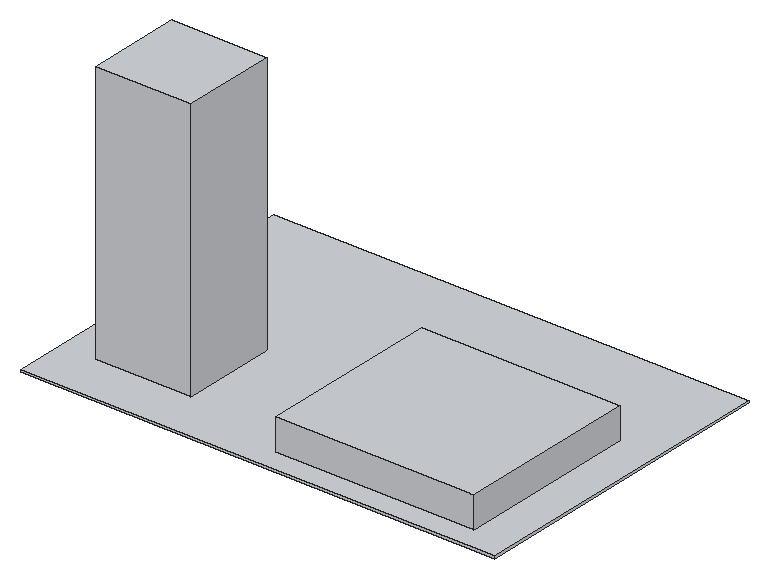
Revit family
Parameters
  Area_ed2 = (lotto_1 * lotto_2) * (4 / 5 * Rap_copertura)  # 576.00 m²
  Area_ed1 = (lotto_1 * lotto_2) * (1 / 5 * Rap_copertura)  # 144.00 m²
  altezza_2 = ((Indice fab fondiaria * 1 / 3) * lotto_1 * lotto_2) / (lato_lungo1 * lato lungo_2)  # 4.166667 m
  lato_lungo1 = 25 m
  lato lungo_2 = Area_ed2 / lato_lungo1  # 23.04 m
  Rap_copertura = 0.3
  Indice fab fondiaria = 3 m
  lotto_2 = 40 m
  Volume = Altezza * Lato_Ed1 * Lato_Ed1  # 4800.00 m³
  lotto_1 = 60 m
  Lato_Ed1 = Area_ed1 ^ (1 / 2)  # 12 m
  Altezza = ((Indice fab fondiaria * 2 / 3) * lotto_1 * lotto_2) / (Lato_Ed1 * Lato_Ed1)  # 33.333333 m
Reference planes (m)
  plane 1: z = 0
  plane 2: z = 33.333333
  plane 3: y = 31.010045
  plane 4: x = -8.324539
  plane 5: y = -8.989955
  plane 6: x = 51.675461
  plane 7: y = 9.425336
  plane 8: y = -2.574664
  plane 9: x = -3.877233
  plane 10: x = 8.122767
  plane 11: y = -6.066598
  plane 12: y = 16.973402
  plane 13: x = 46.675461
  plane 14: x = 21.675461
  plane 15: z = 0
  plane 16: z = 4.166667
Forms (m)
  Extrusion 1, solid
    sketch origin (0, 0, 0) x (1, 0, 0) y (0, 1, 0)
      loop
        line (-8.324539, 31.010045) -> (-8.324539, -8.989955) -> (51.675461, -8.989955) -> (51.675461, 31.010045) -> (-8.324539, 31.010045)
    from 0.000046 to 0.25
  Extrusion 2, solid
    sketch origin (0, 0, 0) x (1, 0, 0) y (0, 1, 0)
      loop
        line (-3.877233, 9.425336) -> (-3.877233, -2.574664) -> (8.122767, -2.574664) -> (8.122767, 9.425336) -> (-3.877233, 9.425336)
    from 0 to 33.333333
  Extrusion 3, solid
    sketch origin (0, 0, 0) x (1, 0, 0) y (0, 1, 0)
      loop
        line (46.675461, 16.973402) -> (21.675461, 16.973402) -> (21.675461, -6.066598) -> (46.675461, -6.066598) -> (46.675461, 16.973402)
    from 0 to 4.166667
Dimensions and locks (m)
  "lotto_2": plane 3 to plane 5
  "lotto_1": plane 4 to plane 6
  "Lato_Ed1": plane 7 to plane 8
  "Altezza": plane 2 to plane 15
  "altezza_2": plane 16 to plane 15
  "Lato_Ed1": plane 9 to plane 10
  "lato_lungo1": plane 14 to plane 13
  "lato lungo_2": plane 11 to plane 12
  aligned and locked: plane 3 to Extrusion 1
  aligned and locked: Extrusion 1 to plane 5
  aligned and locked: Extrusion 1 to plane 4
  aligned and locked: plane 6 to Extrusion 1
  aligned and locked: Extrusion 2 sketch curve to plane 7
  aligned and locked: plane 8 to Extrusion 2 sketch curve
  aligned and locked: Extrusion 2 sketch curve to plane 10
  aligned and locked: plane 9 to Extrusion 2 sketch curve
  aligned and locked: Extrusion 3 sketch curve to plane 12
  aligned and locked: Extrusion 3 sketch curve to plane 13
  aligned and locked: Extrusion 3 sketch curve to plane 11
  aligned and locked: Extrusion 3 sketch curve to plane 14
  aligned and locked: plane 15 to Extrusion 2
  aligned and locked: Extrusion 2 to plane 2
  aligned and locked: Extrusion 3 to plane 15
  aligned and locked: Extrusion 3 to plane 16
Automatic sketch dimensions
  Extrusion 1 sketch curve to plane 3 = 0 m
  Extrusion 1 sketch curve to plane 4 = 0 m
  Extrusion 1 sketch curve to plane 5 = 0 m
  Extrusion 1 sketch curve to plane 6 = 0 m
